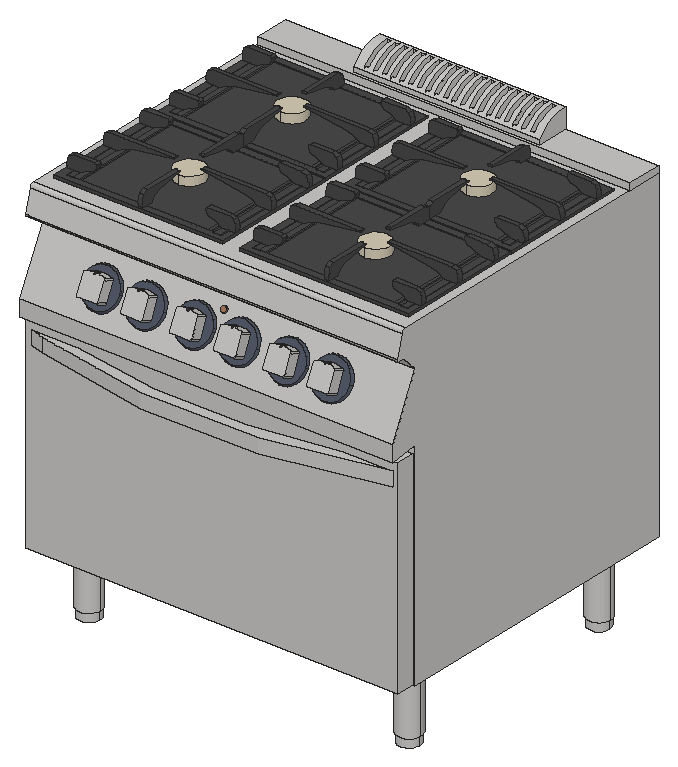
Revit family "QF_ZANUSSI_372003_Z7GCGH4CE0", category Specialty Equipment, Revit 2018 (continued)
Automatic sketch dimensions
  Extrusion 32 sketch curve to Extrusion 32 sketch curve = 0.0 mm
  Extrusion 32 sketch curve to Extrusion 32 sketch curve = 1.0 mm  (x2)
  Extrusion 32 sketch curve to Extrusion 32 sketch curve = 15.0 mm
  Extrusion 33 sketch curve to plane 7 "Center Y" = 30.0 mm
  Extrusion 33 sketch curve to Extrusion 33 sketch curve = 35.0 mm  (x2)
  Extrusion 34 sketch curve to plane 7 "Center Y" = 24.5 mm
  Extrusion 34 sketch curve to Extrusion 34 sketch curve = 2.997 mm  (x3)
  Extrusion 34 sketch curve to Extrusion 34 sketch curve = 20.003 mm  (x2)
  Extrusion 34 sketch curve to Extrusion 34 sketch curve = 40.005 mm
  Extrusion 34 sketch curve to Extrusion 34 sketch curve = 0.0 mm  (x2)
  Extrusion 34 sketch curve to Extrusion 34 sketch curve = 40.037 mm
  Extrusion 34 sketch curve to Extrusion 34 sketch curve = 5.399 mm
  Blend 35 sketch curve to plane 7 "Center Y" = 47.5 mm  (x2)
  Split face 47 sketch curve to Split face 47 sketch curve = 6.0 mm
  Split face 47 sketch curve to Split face 47 sketch curve = 2.0 mm
  plane 13 "panel" to Extrusion 36 sketch curve = 35.0 mm
  plane 5 "FRONT" to Extrusion 36 sketch curve = 5.671 mm
  Extrusion 36 sketch curve to Extrusion 36 sketch curve = 3.0 mm
  Extrusion 36 sketch curve to Extrusion 36 sketch curve = 0.0 mm
  Extrusion 36 sketch curve to Extrusion 36 sketch curve = 1.0 mm  (x2)
  Extrusion 36 sketch curve to Extrusion 36 sketch curve = 15.0 mm
  plane 7 "Center Y" to Extrusion 37 sketch curve = 65.0 mm
  plane 7 "Center Y" to Extrusion 37 sketch curve = 30.0 mm
  Extrusion 37 sketch curve to Extrusion 37 sketch curve = 35.0 mm
  Split face 48 sketch curve to Split face 48 sketch curve = 6.0 mm
  Split face 48 sketch curve to Split face 48 sketch curve = 2.0 mm
  Split face 49 sketch curve to Split face 49 sketch curve = 6.0 mm
  Split face 49 sketch curve to Split face 49 sketch curve = 2.0 mm
  Extrusion 38 sketch curve to plane 7 "Center Y" = 0.0 mm
  curve 199 to curve 200 = 0.0 mm  (x2)
  curve 199 to curve 201 = 0.0 mm  (x2)
  curve 199 to curve 202 = 0.0 mm  (x2)
  plane 11 to curve 11 = 0.0 mm
  curve 3 to plane 4 "RIGHT" = 0.0 mm
  curve 199 to plane 11 = 0.1 mm
  curve 200 to plane 11 = 0.1 mm
  plane 1 "BACK" to curve 93 = 0.0 mm
  curve 202 to plane 7 "Center Y" = 0.0 mm
  curve 202 to plane 11 = 0.1 mm
  curve 1 to plane 3 "LEFT" = 0.0 mm
  plane 11 to curve 9 = 0.0 mm
  plane 11 to curve 7 = 0.0 mm
  plane 11 to curve 4 = 0.0 mm
  plane 12 to curve 3 = 0.0 mm
  plane 4 "RIGHT" to curve 10 = 100.0 mm
  plane 1 "BACK" to curve 60 = 63.911 mm
  plane 7 "Center Y" to curve 60 = 185.153 mm
  curve 60 to curve 61 = 9.296 mm
  curve 62 to curve 64 = 9.397 mm
  curve 64 to curve 66 = 9.296 mm
  curve 66 to curve 71 = 9.397 mm
  curve 68 to curve 69 = 9.296 mm
  curve 69 to curve 72 = 9.397 mm
  curve 72 to curve 75 = 9.296 mm
  curve 74 to curve 76 = 9.397 mm
  curve 76 to curve 79 = 9.296 mm
  curve 77 to curve 80 = 9.397 mm
  curve 80 to curve 81 = 9.296 mm
  curve 82 to curve 84 = 9.397 mm
  curve 84 to curve 86 = 9.296 mm
  curve 85 to curve 89 = 9.397 mm
  curve 88 to curve 90 = 9.296 mm
  curve 90 to curve 16 = 9.397 mm
  curve 16 to curve 18 = 9.296 mm
  curve 17 to curve 20 = 9.397 mm
  plane 7 "Center Y" to curve 22 = 7.624 mm
  curve 25 to plane 7 "Center Y" = 1.773 mm
  curve 24 to curve 27 = 9.296 mm
  curve 25 to curve 29 = 9.397 mm
  curve 28 to curve 29 = 9.296 mm
  curve 29 to curve 32 = 9.397 mm
  curve 32 to curve 34 = 9.296 mm
  curve 33 to curve 36 = 9.397 mm
  curve 36 to curve 37 = 9.296 mm
  curve 37 to curve 40 = 9.397 mm
  curve 40 to curve 43 = 9.296 mm
  curve 41 to curve 44 = 9.397 mm
  curve 44 to curve 46 = 9.296 mm
  curve 46 to curve 48 = 9.397 mm
  curve 48 to curve 50 = 9.296 mm
  curve 50 to curve 52 = 9.397 mm
  curve 52 to curve 55 = 9.296 mm
  curve 53 to curve 57 = 9.397 mm
  curve 56 to curve 58 = 9.296 mm
  curve 58 to curve 15 = 9.397 mm
  curve 12 to curve 14 = 9.296 mm
  curve 9 to plane 3 "LEFT" = 100.0 mm
  curve 10 to plane 1 "BACK" = 100.0 mm
  curve 199 to plane 1 "BACK" = 537.6 mm
  plane 1 "BACK" to curve 87 = 6.761 mm
  plane 1 "BACK" to curve 88 = 6.761 mm
  plane 1 "BACK" to curve 51 = 6.761 mm
  plane 1 "BACK" to curve 12 = 6.761 mm
  plane 1 "BACK" to curve 83 = 6.761 mm
  plane 1 "BACK" to curve 16 = 6.761 mm
  plane 1 "BACK" to curve 79 = 6.761 mm
  plane 1 "BACK" to curve 20 = 6.761 mm
  plane 1 "BACK" to curve 75 = 6.761 mm
  plane 1 "BACK" to curve 24 = 6.761 mm
  plane 1 "BACK" to curve 71 = 6.761 mm
  plane 1 "BACK" to curve 28 = 6.761 mm
  plane 1 "BACK" to curve 67 = 6.761 mm
  plane 1 "BACK" to curve 32 = 6.761 mm
  plane 1 "BACK" to curve 63 = 6.761 mm
  plane 1 "BACK" to curve 36 = 6.761 mm
  plane 1 "BACK" to curve 59 = 6.761 mm
  plane 1 "BACK" to curve 40 = 6.761 mm
  plane 1 "BACK" to curve 55 = 6.761 mm
  plane 1 "BACK" to curve 44 = 6.761 mm
  curve 46 to curve 45 = 57.15 mm
  curve 48 to curve 45 = 0.0 mm
  curve 90 to curve 90 = 57.15 mm
  curve 44 to curve 42 = 0.0 mm
  curve 52 to curve 49 = 0.0 mm
  curve 40 to curve 38 = 0.0 mm
  curve 56 to curve 53 = 0.0 mm
  curve 36 to curve 34 = 0.0 mm
  curve 32 to curve 30 = 0.0 mm
  curve 64 to curve 61 = 0.0 mm
  curve 28 to curve 26 = 0.0 mm
  curve 68 to curve 65 = 0.0 mm
  curve 24 to curve 22 = 0.0 mm
  curve 72 to curve 69 = 0.0 mm
  curve 20 to curve 18 = 0.0 mm
  curve 76 to curve 73 = 0.0 mm
  curve 14 to curve 57 = 0.0 mm
  curve 80 to curve 77 = 0.0 mm
  curve 84 to curve 81 = 0.0 mm
  curve 199 to plane 4 "RIGHT" = 61.73 mm
  curve 199 to curve 200 = 114.269 mm
  curve 93 to curve 60 = 14.847 mm
  plane 11 to curve 200 = 7.604 mm
  plane 11 to curve 201 = 10.58 mm  (x2)
  curve 200 to curve 201 = 22.879 mm
  plane 11 to curve 202 = 7.605 mm
  curve 201 to curve 202 = 22.876 mm
  curve 13 to curve 92 = 20.698 mm
  curve 199 to plane 11 = 0.229 mm
  curve 7 to curve 5 = 69.85 mm
  curve 5 to curve 6 = 6.35 mm
  plane 5 "FRONT" to Extrusion 5 sketch curve = 15.0 mm
  Extrusion 5 sketch curve to plane 5 "FRONT" = 0.0 mm
  Extrusion 5 sketch curve to plane 6 "TOP" = 110.989 mm
  Extrusion 5 sketch curve to plane 5 "FRONT" = 0.116 mm
  Extrusion 5 sketch curve to Extrusion 5 sketch curve = 2.884 mm
  Extrusion 5 sketch curve to plane 6 "TOP" = 65.474 mm
  Extrusion 5 sketch curve to Extrusion 5 sketch curve = 13.051 mm
  Extrusion 5 sketch curve to plane 6 "TOP" = 114.816 mm
  Extrusion 5 sketch curve to Extrusion 5 sketch curve = 10.198 mm
  Extrusion 5 sketch curve to Extrusion 5 sketch curve = 7.474 mm
  Extrusion 5 sketch curve to Extrusion 5 sketch curve = 40.0 mm
  Extrusion 5 sketch curve to Extrusion 5 sketch curve = 1.355 mm
  Extrusion 5 sketch curve to Extrusion 5 sketch curve = 0.445 mm
  Extrusion 5 sketch curve to Extrusion 5 sketch curve = 5.0 mm  (x2)
  Extrusion 5 sketch curve to plane 10 = 88.636 mm
  Extrusion 5 sketch curve to Extrusion 5 sketch curve = 31.82 mm
  Extrusion 5 sketch curve to plane 1 "BACK" = 0.0 mm
  Extrusion 5 sketch curve to plane 10 = 209.492 mm
  Extrusion 5 sketch curve to Extrusion 5 sketch curve = 27.08 mm
  Extrusion 5 sketch curve to Extrusion 5 sketch curve = 35.0 mm
  Extrusion 5 sketch curve to Extrusion 5 sketch curve = 10.259 mm
  plane 9 "Base" to Extrusion 5 sketch curve = 5.0 mm
  radius of Extrusion 7 sketch curve = 6.35 mm
  radius of Blend 12 sketch curve = 42.5 mm
  radius of Blend 12 sketch curve = 40.5 mm
  radius of Split face 1 sketch curve = 3.0 mm
  radius of Blend 18 sketch curve = 42.5 mm
  radius of Blend 18 sketch curve = 40.5 mm
  radius of Split face 10 sketch curve = 1.5 mm
  radius of Split face 11 sketch curve = 2.029 mm
  radius of Split face 12 sketch curve = 2.031 mm
  radius of Split face 13 sketch curve = 3.497 mm
  radius of Split face 14 sketch curve = 3.497 mm
  radius of Split face 15 sketch curve = 3.0 mm
  radius of Split face 16 sketch curve = 1.5 mm
  radius of Blend 20 sketch curve = 42.5 mm
  radius of Blend 20 sketch curve = 40.5 mm
  radius of Split face 17 sketch curve = 1.0 mm
  radius of Split face 18 sketch curve = 1.0 mm
  radius of Split face 19 sketch curve = 1.0 mm
  radius of Split face 20 sketch curve = 1.0 mm
  radius of Split face 21 sketch curve = 1.0 mm
  radius of Split face 22 sketch curve = 1.0 mm
  radius of Split face 23 sketch curve = 1.0 mm
  radius of Split face 24 sketch curve = 1.0 mm
  radius of Split face 25 sketch curve = 1.0 mm
  radius of Split face 26 sketch curve = 1.0 mm
  radius of Split face 27 sketch curve = 1.0 mm
  radius of Split face 28 sketch curve = 1.0 mm
  radius of Split face 29 sketch curve = 1.0 mm
  radius of Blend 22 sketch curve = 42.5 mm
  radius of Blend 22 sketch curve = 40.5 mm
  radius of Split face 30 sketch curve = 3.0 mm
  radius of Blend 28 sketch curve = 42.5 mm
  radius of Blend 28 sketch curve = 40.5 mm
  radius of Split face 39 sketch curve = 1.5 mm
  radius of Split face 40 sketch curve = 2.029 mm
  radius of Split face 41 sketch curve = 2.031 mm
  radius of Split face 42 sketch curve = 3.497 mm
  radius of Split face 43 sketch curve = 3.497 mm
  radius of Split face 44 sketch curve = 3.0 mm
  radius of Split face 45 sketch curve = 1.5 mm
  radius of Extrusion 31 sketch curve = 10.0 mm
  radius of Split face 46 sketch curve = 1.0 mm
  radius of Blend 35 sketch curve = 42.5 mm
  radius of Blend 35 sketch curve = 40.5 mm
  radius of Split face 50 sketch curve = 1.714 mm
  radius of Extrusion 38 sketch curve = 6.0 mm
Nested families
  nested 1: "QF_372003_BURNER" at (12.5, -5, 0), type "QF_372003_BURNER"
    with Type Mark "", Status "", Specification by User "", Revision Code "", Item Number "", Installed By "", Identify Quantity as Lot yes, Furnished By "", Foodservice Equipment Identifier yes
  nested 2: "QF_372003_BURNER" at (12.5, -738.715, 0), type "QF_372003_BURNER"
    with Type Mark "", Status "", Specification by User "", Revision Code "", Item Number "", Installed By "", Identify Quantity as Lot yes, Furnished By "", Foodservice Equipment Identifier yes
  nested 3: "QF_372003_BURNER" at (412.5, -5, 0), type "QF_372003_BURNER"
    with Type Mark "", Status "", Specification by User "", Revision Code "", Item Number "", Installed By "", Identify Quantity as Lot yes, Furnished By "", Foodservice Equipment Identifier yes
  nested 4: "QF_372003_BURNER" at (412.5, -738.715, 0), type "QF_372003_BURNER"
    with Type Mark "", Status "", Specification by User "", Revision Code "", Item Number "", Installed By "", Identify Quantity as Lot yes, Furnished By "", Foodservice Equipment Identifier yes
Connectors
  piping at (747.613, -466, 141.185), diameter 12.8
    settings: on Extrusion 7, index 1, connector inside diameter 0.50394", connector length 0.0 mm, flow factor 0, pipe flow 0 GPM, pressure drop 0.00 psi, fitting loss kfactor 0, connector angle 0.00°, fixture units 0, engagement length 0.0 mm, angle of deflection 0.00°, flow configuration 1, flow direction 1, fitting loss method 0, system type 7, joint type 0, gender type 0, connector reference index -1, connector utility 0, adjustable connector no, is connector primary yes, connector description "Gas Inlet"
  electrical at (752, -513, 147), driven by "Volts"
    settings: on Extrusion 31, index 2, voltage 380 V, apparent load 0 VA, apparent load phase1 0 VA, apparent load phase2 0 VA, apparent load phase3 0 VA, power factor 1, load classification "Other", number of poles 1, system type 30, power factor state 1, is connector primary yes, connector utility no, sub classification motor no, connector description "Electrical Connection"
Definition of nested family "QF_372003_BURNER"
  Parameters
    Weight in Pounds = 0
    URL Cutsheet = ""
    URL = "www.electrolux.com"
    Type Mark [instance] = ""
    Status [instance] = ""
    Specification by User [instance] = ""
    Specification by Manufacturer = ""
    Serial Number = ""
    Seismic Rating = ""
    SMACNA No = ""
    Revision Code [instance] = ""
    Omniclass Number and Title = ""
    NAFEM Spec ID Number = ""
    Model = "371009"
    Masterspec = ""
    Manufacturer = "ELECTROLUX"
    Item Number [instance] = ""
    Installed By [instance] = ""
    Identify Quantity as Lot [instance] = yes
    Furnished By [instance] = ""
    Foodservice Equipment Identifier [instance] = yes
    Description = ""
    CSI MasterFormat = ""
    CSI Master Format = ""
  Reference planes
    plane 1 "BACK": y = 0
    plane 2: z = 0
    plane 3 "LEFT": x = 0
    plane 4 "RIGHT": x = 800
    plane 5 "FRONT": y = -700
    plane 6 "TOP": z = 908.85
    plane 7 "Center Y": x = 400
    plane 8 "Center X": y = -350
    plane 9 "Base": z = 150
    plane 10: z = 850.85
  Forms (mm)
    Extrusion 1, solid
      sketch origin (0, -734.127, 5) x (1, 0, 0) y (0, 0, -1)
        loop
          arc (7.142, -850.85) -> (6.739, -862.989) -> (9.761, -874.752) r 42.809
          line (9.761, -874.752) -> (19.961, -879.425) -> (157.339, -879.425)
          arc (157.339, -879.425) -> (158.533, -878.312) -> (157.506, -877.043) r 1.197
          line (157.506, -877.043) -> (64.848, -864.021)
          arc (64.848, -864.021) -> (50.111, -858.738) -> (36.589, -850.85) r 85.245
          line (36.589, -850.85) -> (7.142, -850.85)
        loop
          line (367.858, -850.85) -> (338.411, -850.85)
          arc (338.411, -850.85) -> (324.889, -858.738) -> (310.152, -864.021) r 85.245
          line (310.152, -864.021) -> (217.494, -877.043)
          arc (217.494, -877.043) -> (216.467, -878.312) -> (217.661, -879.425) r 1.197
          line (217.661, -879.425) -> (355.039, -879.425) -> (365.239, -874.752)
          arc (365.239, -874.752) -> (368.261, -862.989) -> (367.858, -850.85) r 42.809
      from 224.564 to 234.564
    Extrusion 2, solid
      sketch origin (0, -734.127, 5) x (1, 0, 0) y (0, 0, -1)
        loop
          arc (7.056, -850.85) -> (6.705, -862.948) -> (9.748, -874.663) r 42.876
          line (9.748, -874.663) -> (19.961, -879.425) -> (65.851, -879.425)
          arc (65.851, -879.425) -> (68.577, -878.352) -> (69.841, -875.709) r 4
          arc (69.841, -875.709) -> (68.75, -869.25) -> (64.816, -864.012) r 13.87
          arc (64.816, -864.012) -> (50.096, -858.731) -> (36.589, -850.85) r 85.245
          line (36.589, -850.85) -> (7.056, -850.85)
        loop
          line (367.944, -850.85) -> (338.411, -850.85)
          arc (338.411, -850.85) -> (324.904, -858.731) -> (310.184, -864.012) r 85.245
          arc (310.184, -864.012) -> (306.25, -869.25) -> (305.159, -875.709) r 13.87
          arc (305.159, -875.709) -> (306.423, -878.352) -> (309.149, -879.425) r 4
          line (309.149, -879.425) -> (355.039, -879.425) -> (365.252, -874.663)
          arc (365.252, -874.663) -> (368.295, -862.948) -> (367.944, -850.85) r 42.876
      from 127.064 to 137.064
    Extrusion 3, solid
      sketch origin (0, -275, 5) x (1, 0, 0) y (0, 0, 1)
        loop
          arc (64.816, 864.012) -> (68.75, 869.25) -> (69.841, 875.709) r 13.87
          arc (69.841, 875.709) -> (68.577, 878.352) -> (65.851, 879.425) r 4
          line (65.851, 879.425) -> (19.961, 879.425) -> (9.748, 874.663)
          arc (9.748, 874.663) -> (6.705, 862.948) -> (7.056, 850.85) r 42.876
          line (7.056, 850.85) -> (36.589, 850.85)
          arc (36.589, 850.85) -> (50.096, 858.731) -> (64.816, 864.012) r 85.245
        loop
          arc (310.184, 864.012) -> (324.904, 858.731) -> (338.411, 850.85) r 85.245
          line (338.411, 850.85) -> (367.944, 850.85)
          arc (367.944, 850.85) -> (368.295, 862.948) -> (365.252, 874.663) r 42.876
          line (365.252, 874.663) -> (355.039, 879.425) -> (309.149, 879.425)
          arc (309.149, 879.425) -> (306.423, 878.352) -> (305.159, 875.709) r 4
          arc (305.159, 875.709) -> (306.25, 869.25) -> (310.184, 864.012) r 13.87
      from 127.064 to 137.064
    Extrusion 4, solid
      sketch origin (454.964, -29.48, 5) x (0, -1, 0) y (0, 0, 1)
        loop
          arc (366.649, 850.85) -> (375.927, 861.743) -> (389.337, 866.736) r 28.426
          line (389.337, 866.736) -> (441.256, 877.043)
          arc (441.256, 877.043) -> (442.283, 878.312) -> (441.089, 879.425) r 1.197
          line (441.089, 879.425) -> (347.797, 879.425)
          arc (347.797, 879.425) -> (343.211, 875.934) -> (337.583, 874.694) r 13.39
          line (337.583, 874.694) -> (337.583, 850.85) -> (366.649, 850.85)
        loop
          arc (606.236, 850.85) -> (606.587, 862.948) -> (603.543, 874.663) r 42.876
          line (603.543, 874.663) -> (593.33, 879.425) -> (509.077, 879.425)
          arc (509.077, 879.425) -> (507.883, 878.312) -> (508.911, 877.043) r 1.197
          line (508.911, 877.043) -> (560.83, 866.736)
          arc (560.83, 866.736) -> (574.239, 861.743) -> (583.518, 850.85) r 28.426
          line (583.518, 850.85) -> (606.236, 850.85)
      from 262.464 to 272.464
    Extrusion 5, solid
      sketch origin (0, 0, 850.85) x (0, -1, 0) y (1, 0, 0)
        loop
          line (642.216, 6.433) -> (642.216, 368.567) -> (367.857, 368.567) -> (367.857, 6.433) -> (642.216, 6.433)
        loop
          line (382.857, 21.433) -> (627.216, 21.433) -> (627.216, 353.567) -> (382.857, 353.567) -> (382.857, 21.433)
      from 0 to 5
    Extrusion 6, solid
      sketch origin (-12.5, 0, 855.85) x (0, -1, 0) y (1, 0, 0)
        loop
          circle (504.356, 200) r 30
      from -1.321 to 17.134
    Extrusion 7, solid
      sketch origin (0, -734.127, 0) x (1, 0, 0) y (0, 0, -1)
        loop
          line (21.433, -855.85) -> (36.589, -855.85)
          arc (36.589, -855.85) -> (40.561, -855.243) -> (44.305, -853.783) r 18.259
          arc (44.305, -853.783) -> (45.997, -853.366) -> (47.69, -853.783) r 3.649
          arc (47.69, -853.783) -> (49.901, -854.522) -> (52.232, -854.529) r 7.328
          line (52.232, -854.529) -> (322.768, -854.529)
          arc (322.768, -854.529) -> (325.099, -854.522) -> (327.31, -853.783) r 7.328
          arc (327.31, -853.783) -> (329.003, -853.366) -> (330.695, -853.783) r 3.649
          arc (330.695, -853.783) -> (334.439, -855.243) -> (338.411, -855.85) r 18.259
          line (338.411, -855.85) -> (353.567, -855.85) -> (353.567, -850.85) -> (21.433, -850.85) -> (21.433, -855.85)
      from 106.911 to 351.27
  Lines and regions (mm)
    symbolic lines
      curve 1: line (6.433, -642.216, 150) -> (368.567, -642.216, 150)
      curve 2: line (6.433, -367.857, 150) -> (6.433, -642.216, 150)
      curve 3: line (368.567, -367.857, 150) -> (192.5, -367.857, 150)
      curve 4: line (368.567, -642.216, 150) -> (368.567, -367.857, 150)
      curve 5: line (353.567, -382.857, 150) -> (192.5, -382.857, 150)
      curve 6: line (353.567, -627.216, 150) -> (353.567, -607.064, 150)
      curve 7: line (21.433, -627.216, 150) -> (182.5, -627.216, 150)
      curve 8: line (21.433, -382.857, 150) -> (21.433, -402.064, 150)
      curve 9: line (52.232, -627.216, 150) -> (52.232, -607.064, 150)
      curve 10: line (322.567, -382.857, 150) -> (322.567, -402.064, 150)
      curve 11: line (148.125, -499.564, 150) -> (148.125, -382.857, 150)
      curve 12: line (154.375, -382.857, 150) -> (154.375, -499.564, 150)
      curve 13: arc (148.297, -509.564, 150) -> (159.191, -533.254, 150) -> (182.5, -544.942, 150) r 39.375
      curve 14: arc (220.42, -509.564, 150) -> (211.39, -528.832, 150) -> (192.5, -538.631, 150) r 33.125
      curve 15: line (220.625, -382.857, 150) -> (220.625, -499.564, 150)
      curve 16: line (226.875, -499.564, 150) -> (226.875, -382.857, 150)
      curve 17: line (192.5, -636.339, 150) -> (192.5, -535.619, 150)
      curve 18: arc (182.657, -474.75, 150) -> (166.195, -483.236, 150) -> (157.853, -499.771, 150) r 30
      curve 19: arc (192.224, -533.982, 150) -> (208.621, -525.661, 150) -> (217.084, -509.337, 150) r 30
      curve 20: line (368.567, -597.064, 150) -> (305.159, -597.064, 150)
      curve 21: line (6.433, -607.064, 150) -> (69.841, -607.064, 150)
      curve 22: line (6.433, -509.564, 150) -> (156.429, -509.564, 150)
      curve 23: line (368.567, -499.564, 150) -> (218.571, -499.564, 150)
      curve 24: line (6.433, -412.064, 150) -> (69.841, -412.064, 150)
      curve 25: line (368.567, -402.064, 150) -> (305.159, -402.064, 150)
      curve 26: line (69.841, -597.064, 150) -> (6.433, -597.064, 150)
      curve 27: line (305.159, -607.064, 150) -> (368.567, -607.064, 150)
      curve 28: line (69.841, -402.064, 150) -> (6.433, -402.064, 150)
      curve 29: line (305.159, -412.064, 150) -> (368.567, -412.064, 150)
      curve 30: arc (69.841, -597.064, 150) -> (74.841, -602.064, 150) -> (69.841, -607.064, 150) r 5
      curve 31: arc (305.159, -607.064, 150) -> (300.159, -602.064, 150) -> (305.159, -597.064, 150) r 5
      curve 32: arc (69.841, -402.064, 150) -> (74.841, -407.064, 150) -> (69.841, -412.064, 150) r 5
      curve 33: arc (305.159, -412.064, 150) -> (300.159, -407.064, 150) -> (305.159, -402.064, 150) r 5
      curve 34: line (21.433, -412.064, 150) -> (21.433, -499.564, 150)
      curve 35: line (52.232, -402.064, 150) -> (52.232, -382.857, 150)
      curve 36: line (21.433, -509.564, 150) -> (21.433, -597.064, 150)
      curve 37: line (52.232, -499.564, 150) -> (52.232, -412.064, 150)
      curve 38: line (52.232, -597.064, 150) -> (52.232, -509.564, 150)
      curve 39: line (21.433, -607.064, 150) -> (21.433, -627.216, 150)
      curve 40: line (322.567, -607.064, 150) -> (322.567, -627.216, 150)
      curve 41: line (353.567, -597.064, 150) -> (353.567, -509.564, 150)
      curve 42: line (322.567, -509.564, 150) -> (322.567, -597.064, 150)
      curve 43: line (353.567, -499.564, 150) -> (353.567, -412.064, 150)
      curve 44: line (353.567, -402.064, 150) -> (353.567, -382.857, 150)
      curve 45: line (322.567, -412.064, 150) -> (322.567, -499.564, 150)
      curve 46: line (156.429, -499.564, 150) -> (6.433, -499.564, 150)
      curve 47: line (218.571, -509.564, 150) -> (368.567, -509.564, 150)
      curve 48: arc (218.571, -499.564, 150) -> (213.571, -504.564, 150) -> (218.571, -509.564, 150) r 5
      curve 49: arc (156.429, -499.564, 150) -> (161.429, -504.564, 150) -> (156.429, -509.564, 150) r 5
      curve 50: arc (157.916, -509.337, 150) -> (166.379, -525.661, 150) -> (182.776, -533.982, 150) r 30
      curve 51: arc (217.147, -499.771, 150) -> (208.805, -483.236, 150) -> (192.343, -474.75, 150) r 30
      curve 52: line (182.5, -535.619, 150) -> (182.5, -636.339, 150)
      curve 53: line (192.5, -473.508, 150) -> (192.5, -367.064, 150)
      curve 54: arc (192.5, -535.619, 150) -> (187.5, -530.619, 150) -> (182.5, -535.619, 150) r 5
      curve 55: arc (192.5, -473.508, 150) -> (187.5, -478.508, 150) -> (182.5, -473.508, 150) r 5
      curve 56: line (182.5, -367.857, 150) -> (6.433, -367.857, 150)
      curve 57: line (182.5, -382.857, 150) -> (21.433, -382.857, 150)
      curve 58: arc (192.5, -404.571, 150) -> (196.398, -417.071, 150) -> (192.5, -429.571, 150) r 21.993
      curve 59: arc (196.181, -420.148, 150) -> (199.482, -417.071, 150) -> (196.181, -413.995, 150) r 3.084
      curve 60: arc (182.5, -404.571, 150) -> (178.602, -417.071, 150) -> (182.5, -429.571, 150) r 21.993
      curve 61: arc (178.819, -420.148, 150) -> (175.518, -417.071, 150) -> (178.819, -413.995, 150) r 3.084
      curve 62: line (182.5, -367.064, 150) -> (182.5, -473.508, 150)
      curve 63: arc (182.5, -538.631, 150) -> (163.61, -528.832, 150) -> (154.58, -509.564, 150) r 33.125
      curve 64: arc (192.5, -544.942, 150) -> (215.809, -533.254, 150) -> (226.703, -509.564, 150) r 39.375
      curve 65: line (182.5, -636.339, 150) -> (192.5, -636.339, 150)
      curve 66: line (182.5, -377.277, 150) -> (192.5, -377.277, 150)
      curve 67: line (182.5, -367.064, 150) -> (192.5, -367.064, 150)
      curve 68: line (192.5, -627.216, 150) -> (353.567, -627.216, 150)
  Dimensions and locks
    equal spacing: plane 3 "LEFT", plane 7 "Center Y", plane 4 "RIGHT"
    plane 3 "LEFT" to plane 4 "RIGHT" = 800.0 mm
    equal spacing: plane 5 "FRONT", plane 8 "Center X", plane 1 "BACK"
    plane 5 "FRONT" to plane 1 "BACK" = 700.0 mm
    plane 6 "TOP" to level = 908.85 mm
    plane 9 "Base" to level = 150.0 mm
    plane 6 "TOP" to plane 10 = 58.0 mm  (x2)
    aligned and locked: level to plane 2
  Automatic sketch dimensions
    Extrusion 5 sketch curve to Extrusion 5 sketch curve = 15.0 mm  (x2)
    Extrusion 5 sketch curve to Extrusion 5 sketch curve = 332.134 mm
    plane 3 "LEFT" to Extrusion 2 sketch curve = 7.056 mm
    plane 3 "LEFT" to Extrusion 2 sketch curve = 9.748 mm
    Extrusion 2 sketch curve to Extrusion 2 sketch curve = 10.213 mm  (x2)
    plane 10 to Extrusion 2 sketch curve = 5.0 mm  (x2)
    Extrusion 2 sketch curve to Extrusion 2 sketch curve = 29.533 mm
    Extrusion 2 sketch curve to Extrusion 2 sketch curve = 12.72 mm  (x2)
    Extrusion 2 sketch curve to Extrusion 2 sketch curve = 6.697 mm
    Extrusion 2 sketch curve to Extrusion 2 sketch curve = 8.81 mm
    Extrusion 2 sketch curve to Extrusion 2 sketch curve = 9.845 mm  (x2)
    Extrusion 2 sketch curve to Extrusion 2 sketch curve = 3.99 mm  (x2)
    Extrusion 2 sketch curve to Extrusion 2 sketch curve = 0.0 mm  (x2)
    Extrusion 2 sketch curve to Extrusion 2 sketch curve = 36.813 mm
    Extrusion 2 sketch curve to plane 7 "Center Y" = 111.122 mm
    Extrusion 2 sketch curve to plane 6 "TOP" = 28.141 mm
    Extrusion 2 sketch curve to plane 7 "Center Y" = 94.841 mm
    Extrusion 2 sketch curve to Extrusion 2 sketch curve = 1.035 mm
    Extrusion 2 sketch curve to Extrusion 2 sketch curve = 15.507 mm
    Extrusion 2 sketch curve to Extrusion 2 sketch curve = 16.628 mm
    Extrusion 2 sketch curve to Extrusion 2 sketch curve = 2.692 mm
    Extrusion 2 sketch curve to plane 6 "TOP" = 24.425 mm
    Extrusion 2 sketch curve to Extrusion 2 sketch curve = 28.575 mm
    Extrusion 2 sketch curve to Extrusion 2 sketch curve = 3.716 mm
    Extrusion 2 sketch curve to Extrusion 2 sketch curve = 4.763 mm  (x2)
    plane 3 "LEFT" to Extrusion 1 sketch curve = 7.142 mm
    plane 3 "LEFT" to Extrusion 1 sketch curve = 9.761 mm
    Extrusion 1 sketch curve to Extrusion 1 sketch curve = 10.201 mm  (x2)
    plane 10 to Extrusion 1 sketch curve = 5.0 mm  (x2)
    Extrusion 1 sketch curve to Extrusion 1 sketch curve = 29.447 mm
    Extrusion 1 sketch curve to Extrusion 1 sketch curve = 12.704 mm  (x2)
    Extrusion 1 sketch curve to Extrusion 1 sketch curve = 15.555 mm  (x2)
    Extrusion 1 sketch curve to Extrusion 1 sketch curve = 36.829 mm
    Extrusion 1 sketch curve to plane 6 "TOP" = 24.425 mm  (x2)
    Extrusion 1 sketch curve to Extrusion 1 sketch curve = 92.491 mm
    Extrusion 1 sketch curve to plane 6 "TOP" = 26.807 mm  (x2)
    Extrusion 1 sketch curve to Extrusion 1 sketch curve = 0.167 mm  (x2)
    Extrusion 1 sketch curve to Extrusion 1 sketch curve = 59.988 mm
    Extrusion 1 sketch curve to plane 7 "Center Y" = 111.122 mm
    plane 10 to Extrusion 1 sketch curve = 18.171 mm
    Extrusion 1 sketch curve to Extrusion 1 sketch curve = 21.274 mm
    Extrusion 1 sketch curve to Extrusion 1 sketch curve = 16.628 mm
    Extrusion 1 sketch curve to Extrusion 1 sketch curve = 2.618 mm
    Extrusion 1 sketch curve to Extrusion 1 sketch curve = 4.673 mm  (x2)
    Extrusion 1 sketch curve to Extrusion 1 sketch curve = 5.694 mm
    plane 3 "LEFT" to Extrusion 3 sketch curve = 7.056 mm
    plane 3 "LEFT" to Extrusion 3 sketch curve = 9.748 mm
    Extrusion 3 sketch curve to Extrusion 3 sketch curve = 10.213 mm  (x2)
    plane 10 to Extrusion 3 sketch curve = 5.0 mm  (x2)
    Extrusion 3 sketch curve to Extrusion 3 sketch curve = 29.533 mm
    Extrusion 3 sketch curve to Extrusion 3 sketch curve = 12.72 mm  (x2)
    Extrusion 3 sketch curve to Extrusion 3 sketch curve = 6.697 mm
    Extrusion 3 sketch curve to Extrusion 3 sketch curve = 8.81 mm
    Extrusion 3 sketch curve to Extrusion 3 sketch curve = 9.845 mm  (x2)
    Extrusion 3 sketch curve to Extrusion 3 sketch curve = 3.99 mm  (x2)
    Extrusion 3 sketch curve to Extrusion 3 sketch curve = 0.0 mm  (x2)
    Extrusion 3 sketch curve to Extrusion 3 sketch curve = 36.813 mm
    Extrusion 3 sketch curve to plane 7 "Center Y" = 111.122 mm
    Extrusion 3 sketch curve to plane 6 "TOP" = 28.141 mm
    Extrusion 3 sketch curve to plane 7 "Center Y" = 94.841 mm
    Extrusion 3 sketch curve to Extrusion 3 sketch curve = 1.035 mm
    Extrusion 3 sketch curve to Extrusion 3 sketch curve = 15.507 mm
    Extrusion 3 sketch curve to Extrusion 3 sketch curve = 16.628 mm
    Extrusion 3 sketch curve to Extrusion 3 sketch curve = 2.692 mm
    Extrusion 3 sketch curve to plane 10 = 64.377 mm  (x2)
    plane 10 to Extrusion 3 sketch curve = 12.281 mm  (x2)
    Extrusion 3 sketch curve to Extrusion 3 sketch curve = 10.713 mm
    Extrusion 5 to Extrusion 6 sketch curve = 121.499 mm
    Extrusion 5 to Extrusion 6 sketch curve = 166.067 mm
    plane 3 "LEFT" to Extrusion 5 sketch curve = 21.433 mm
    Extrusion 5 sketch curve to plane 5 "FRONT" = 72.784 mm
    plane 3 "LEFT" to Extrusion 7 sketch curve = 21.433 mm
    Extrusion 7 sketch curve to Extrusion 7 sketch curve = 14.402 mm
    plane 10 to Extrusion 7 sketch curve = 5.0 mm
    plane 10 to Extrusion 7 sketch curve = 2.933 mm  (x4)
    Extrusion 7 sketch curve to Extrusion 7 sketch curve = 7.716 mm  (x2)
    Extrusion 7 sketch curve to Extrusion 7 sketch curve = 0.0 mm  (x2)
    Extrusion 7 sketch curve to Extrusion 7 sketch curve = 1.692 mm  (x2)
    Extrusion 7 sketch curve to Extrusion 7 sketch curve = 3.385 mm  (x2)
    Extrusion 7 sketch curve to plane 10 = 3.559 mm  (x2)
    Extrusion 7 sketch curve to Extrusion 7 sketch curve = 302.478 mm
    Extrusion 7 sketch curve to Extrusion 7 sketch curve = 15.253 mm
    Extrusion 7 sketch curve to Extrusion 7 sketch curve = 15.156 mm  (x2)
    Extrusion 7 sketch curve to Extrusion 7 sketch curve = 3.233 mm
    Extrusion 7 sketch curve to plane 10 = 0.0 mm
    Extrusion 7 sketch curve to plane 7 "Center Y" = 77.232 mm
    Extrusion 5 sketch curve to plane 8 "Center X" = 32.857 mm
    plane 3 "LEFT" to Extrusion 5 sketch curve = 6.433 mm
    plane 1 "BACK" to Extrusion 5 sketch curve = 367.857 mm
    plane 10 to Extrusion 4 sketch curve = 5.0 mm  (x2)
    Extrusion 4 sketch curve to Extrusion 4 sketch curve = 29.066 mm
    Extrusion 4 sketch curve to Extrusion 4 sketch curve = 22.688 mm
    Extrusion 4 sketch curve to plane 10 = 7.392 mm  (x2)
    Extrusion 4 sketch curve to Extrusion 4 sketch curve = 25.583 mm
    Extrusion 4 sketch curve to plane 6 "TOP" = 24.425 mm  (x2)
    Extrusion 4 sketch curve to Extrusion 4 sketch curve = 51.752 mm
    Extrusion 4 sketch curve to Extrusion 4 sketch curve = 0.167 mm  (x2)
    Extrusion 4 sketch curve to plane 6 "TOP" = 26.807 mm
    Extrusion 4 sketch curve to Extrusion 4 sketch curve = 67.655 mm
    Extrusion 4 sketch curve to Extrusion 4 sketch curve = 49.024 mm
    Extrusion 4 sketch curve to Extrusion 4 sketch curve = 2.895 mm
    Extrusion 4 sketch curve to Extrusion 4 sketch curve = 3.153 mm
    Extrusion 4 sketch curve to Extrusion 4 sketch curve = 19.535 mm
    Extrusion 4 sketch curve to Extrusion 4 sketch curve = 9.813 mm
    Extrusion 4 sketch curve to Extrusion 4 sketch curve = 10.213 mm
    Extrusion 4 sketch curve to Extrusion 4 sketch curve = 22.718 mm
    Extrusion 4 sketch curve to Extrusion 4 sketch curve = 8.605 mm
    Extrusion 4 sketch curve to Extrusion 4 sketch curve = 4.731 mm
    Extrusion 4 sketch curve to Extrusion 4 sketch curve = 2.382 mm
    Extrusion 4 sketch curve to Extrusion 4 sketch curve = 8.658 mm
    Extrusion 4 sketch curve to plane 8 "Center X" = 17.064 mm
    curve 13 to curve 14 = 0.0 mm  (x2)
    curve 13 to curve 63 = 0.0 mm  (x2)
    curve 13 to curve 64 = 0.0 mm  (x2)
    curve 18 to curve 19 = 0.0 mm  (x2)
    curve 18 to curve 50 = 0.0 mm  (x2)
    curve 18 to curve 51 = 0.0 mm  (x2)
    curve 25 to plane 7 "Center Y" = 31.433 mm
    curve 3 to curve 44 = 15.0 mm
    curve 43 to curve 44 = 0.0 mm
    curve 1 to curve 68 = 15.0 mm
    curve 41 to curve 43 = 0.0 mm
    curve 6 to curve 40 = 31.0 mm
    curve 41 to curve 42 = 31.0 mm
    curve 43 to curve 45 = 31.0 mm
    curve 10 to curve 45 = 0.0 mm
    curve 40 to curve 27 = 17.408 mm
    curve 45 to curve 29 = 17.408 mm
    curve 16 to curve 64 = 0.172 mm
    curve 16 to curve 15 = 6.25 mm
    curve 64 to curve 14 = 6.283 mm
    curve 15 to curve 23 = 2.054 mm
    curve 23 to curve 51 = 1.424 mm
    curve 47 to curve 19 = 1.487 mm
    curve 15 to curve 60 = 20.029 mm
    curve 60 to curve 59 = 4.198 mm
    curve 59 to curve 59 = 0.216 mm  (x2)
    curve 19 to curve 64 = 24.584 mm
    curve 55 to curve 51 = 0.157 mm
    curve 54 to curve 19 = 0.276 mm
    curve 19 to curve 64 = 4.724 mm
    curve 18 to curve 13 = 0.0 mm
    curve 54 to curve 54 = 5.0 mm
    curve 50 to curve 54 = 0.276 mm
    curve 18 to curve 55 = 0.157 mm
    curve 60 to curve 61 = 3.681 mm
    curve 61 to curve 61 = 0.0 mm
    curve 61 to curve 61 = 0.216 mm
    curve 61 to curve 58 = 4.198 mm
    curve 13 to curve 50 = 29.584 mm
    curve 50 to curve 18 = 0.064 mm
    curve 50 to curve 22 = 1.487 mm
    curve 22 to curve 63 = 1.849 mm
    curve 49 to curve 12 = 2.054 mm
    curve 63 to curve 13 = 6.283 mm
    curve 12 to curve 11 = 6.25 mm
    plane 3 "LEFT" to curve 30 = 69.841 mm
    plane 3 "LEFT" to curve 28 = 69.841 mm
    plane 3 "LEFT" to curve 38 = 52.232 mm
    curve 24 to curve 37 = 17.609 mm
    curve 9 to curve 38 = 0.0 mm
    curve 28 to curve 35 = 17.609 mm
    plane 3 "LEFT" to curve 39 = 21.433 mm
    plane 3 "LEFT" to curve 8 = 21.433 mm
    curve 34 to curve 8 = 0.0 mm
    curve 36 to curve 34 = 0.0 mm
    plane 3 "LEFT" to curve 21 = 6.433 mm
    curve 67 to curve 56 = 0.794 mm
    curve 67 to curve 3 = 0.794 mm
    curve 56 to curve 66 = 9.419 mm
    curve 10 to curve 33 = 19.206 mm
    curve 8 to curve 8 = 19.206 mm
    curve 57 to curve 60 = 21.714 mm
    curve 60 to curve 58 = 0.0 mm
    curve 28 to curve 32 = 5.0 mm
    curve 33 to curve 33 = 5.0 mm
    curve 58 to curve 59 = 9.423 mm
    curve 61 to curve 58 = 3.077 mm
    curve 60 to curve 62 = 43.937 mm
    curve 51 to curve 15 = 24.814 mm
    curve 23 to curve 51 = 0.207 mm
    curve 18 to curve 13 = 1.529 mm
    curve 38 to curve 38 = 87.5 mm
    curve 42 to curve 31 = 87.5 mm
    curve 26 to curve 30 = 5.0 mm
    curve 31 to curve 31 = 5.0 mm
    curve 9 to curve 9 = 20.152 mm
    curve 65 to plane 5 "FRONT" = 63.661 mm
    curve 6 to curve 4 = 15.0 mm
    curve 55 to curve 55 = 5.0 mm
    curve 53 to curve 18 = 5.0 mm
    curve 45 to curve 16 = 95.692 mm
    curve 2 to curve 57 = 15.0 mm
    curve 10 to plane 8 "Center X" = 32.857 mm
    curve 57 to plane 8 "Center X" = 32.857 mm
    curve 6 to curve 68 = 20.152 mm
    radius of Extrusion 6 sketch curve = 30.0 mm
